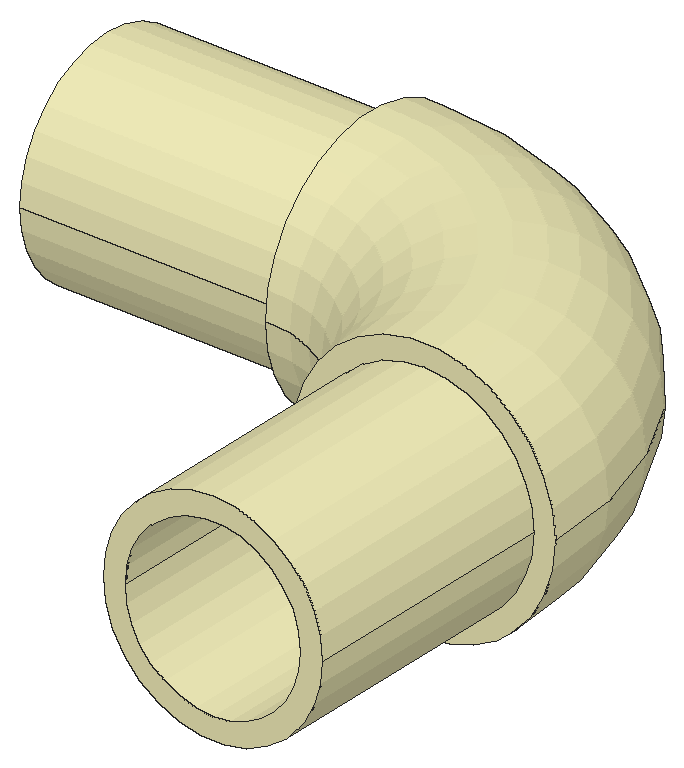
Revit family "Elbow-PEX-90", category Plumbing Fixtures, Revit 2026
Family settings
  Round Connector Dimension = Use Diameter
  Part Type = Normal
  Classification Number = 23.60.30.11.14
  Work Plane-Based = Yes
  Enable Cutting in Views = No
  Always vertical = Yes
  Cut with Voids When Loaded = No
  Maintain Annotation Orientation = No
  Shared = No
  Room Calculation Point = No
Parameters (values of type "3/4"")
  collarrad [instance] = PipeIrad - Collar Thickness  # 0' - 0 1/4"
  Waste Connection = no
  Warranty Duration (Years) = 0
  Wall Thickness = 0' - 0 1/16"
  Vent Connection = no
  Type Comments = ""
  Turn Radius [instance] = Pipe OD  # 0' - 0 3/4"
  Test Data = ""
  Supply Connection Type = Plumbing-Connector : Crimp-PEX 075
  Specification = "http://www.arcat.com/divs/sec/sec15000.shtml"
  Sales Information = ""
  Product Properties = "http://www.arcat.com/bim/bim_info.pl?fn=Elbow-PEX-90"
  Product Data = "http://www.arcat.com/divs/sec/sec15000.shtml"
  PipeOrad [instance] = Pipe OD / 2  # 0' - 0 3/8"
  PipeIrad [instance] = PipeOrad - Wall Thickness  # 0' - 0 5/16"
  Pipe OD [instance] = 0' - 0 3/4"
  Pipe Material = ARCAT - Brass
  Pipe ID [instance] = (PipeOrad - Wall Thickness) * 2  # 0' - 0 5/8"
  Model = "Generic"  # constant formula
  Manufacturer Website = "http://www.arcat.com/"
  Manufacturer Phone - Toll Free = ""
  Manufacturer Phone = "(203) 929-9444"  # constant formula
  Manufacturer Fax = "(203) 939-2444"  # constant formula
  Manufacturer Email = "bim@arcat.com"  # constant formula
  Manufacturer Address = "1077 Bridgeport Ave, Shelton, CT  06484"  # constant formula
  Manufacturer = "Generic"  # constant formula
  Maintenance Schedule (Months) = 0
  Keynote = "15000"
  Installation_Fabricaton = ""
  Installation Phase = ""
  HW Connection = yes
  Green Building-LEED = "http://www.arcat.com/green/green_building.shtml"
  Expected Lifespan (Years) = 40
  Drawn By = "Robert S. Weygant. CSI, CDT, SCIP"  # constant formula
  Description = "90 Degree PEX Crimp Elbow"  # constant formula
  Default Elevation = 4' - 0"
  Copyright = "2008, ARCAT, Inc."  # constant formula
  Construction Details = "http://www.arcat.com/divs/sec/sec15000.shtml"
  Collar Thickness = Wall Thickness  # 0' - 0 1/16"
  Collar Length [instance] = 0' - 0 3/4"  # constant formula
  CW Connection = yes
  Building Codes = ""
  Assembly Code = "D2090900"
Types (5): name | collarrad | Turn Radius | Supply Connection Type | PipeOrad | PipeIrad | Pipe OD | Pipe ID
  (no name) | 0' - 0 1/4" | 0' - 0 3/4" | Plumbing-Connector : Crimp-PEX 075 | 0' - 0 3/8" | 0' - 0 5/16" | 0' - 0 3/4" | 0' - 0 5/8"
  1" | 0' - 0 3/8" | 0' - 1" | Plumbing-Connector : Crimp-PEX 1 | 0' - 0 1/2" | 0' - 0 7/16" | 0' - 1" | 0' - 0 7/8"
  3/8" | 0' - 0 1/16" | 0' - 0 3/8" | Plumbing-Connector : Crimp-PEX 0375 | 0' - 0 3/16" | 0' - 0 1/8" | 0' - 0 3/8" | 0' - 0 1/4"
  1/2" | 0' - 0 1/8" | 0' - 0 1/2" | Plumbing-Connector : Crimp-PEX 050 | 0' - 0 1/4" | 0' - 0 3/16" | 0' - 0 1/2" | 0' - 0 3/8"
  3/4" | 0' - 0 1/4" | 0' - 0 3/4" | Plumbing-Connector : Crimp-PEX 075 | 0' - 0 3/8" | 0' - 0 5/16" | 0' - 0 3/4" | 0' - 0 5/8"
Reference planes (in)
  plane 1: z = 0
  plane 2 "Center (Left/Right)": x = 0
  plane 3 "Connection Level": z = 0
  plane 4 "Center": y = 0
  plane 5: y = 0.75
  plane 6: x = -0.75
Forms (in)
  Sweep 1, solid, material "ARCAT - Brass" <- "Pipe Material"
    path in 3D
      loop
        arc (0, 0, 0) -> (-0.21967, 0.53033, 0) -> (-0.75, 0.75, 0) r 0.75
    profile origin (-0.21967, 0.53033, 0) x (-0.707107, -0.707107, 0) y (0, 0, 1)
      loop
        circle (0, 0) r 0.3125
      loop
        circle (0, 0) r 0.375
  Sweep 2, solid, material "ARCAT - Brass" <- "Pipe Material"
    path in 3D
      loop
        line (0, 0, 0) -> (0, -0.75, 0)
    profile origin (0, -0.375, 0) x (1, 0, 0) y (0, 0, 1)
      loop
        circle (0, 0) r 0.3125
      loop
        circle (0, 0) r 0.25
  Sweep 3, solid, material "ARCAT - Brass" <- "Pipe Material"
    path in 3D
      loop
        line (-0.75, 0.75, 0) -> (-1.5, 0.75, 0)
    profile origin (-1.125, 0.75, 0) x (0, -1, 0) y (0, 0, 1)
      loop
        circle (0, 0) r 0.3125
      loop
        circle (0, 0) r 0.25
Lines and regions (in)
  model lines, style "Supply"
    curve 1: line (0, 0, 0) -> (0, -0.75, 0)
    curve 2: line (-0.75, 0.75, 0) -> (-1.5, 0.75, 0)
    curve 3: arc (0, 0, 0) -> (-0.21967, 0.53033, 0) -> (-0.75, 0.75, 0) r 0.75
    curve 4: line (-0.75, 0.375, 0) -> (-0.75, 1.125, 0)
    curve 5: line (-0.375, 0, 0) -> (0.375, 0, 0)
  sketch lines
    curve 6: arc (0, 0, 0) -> (-0.21967, 0.53033, 0) -> (-0.75, 0.75, 0) r 0.75
    curve 7: line (0, 0, 0) -> (0, -0.75, 0)
    curve 8: line (-0.75, 0.75, 0) -> (-1.5, 0.75, 0)
  model lines, style "HW Supply"
    curve 9: line (-0.75, 0.75, 0) -> (-1.5, 0.75, 0)
    curve 10: line (-0.75, 0.375, 0) -> (-0.75, 1.125, 0)
    curve 11: arc (0, 0, 0) -> (-0.21967, 0.53033, 0) -> (-0.75, 0.75, 0) r 0.75
    curve 12: line (-0.375, 0, 0) -> (0.375, 0, 0)
    curve 13: line (0, 0, 0) -> (0, -0.75, 0)
Dimensions and locks (in)
  "Collar Length": curve 3 to curve 1
  "Collar Length": curve 2 to curve 2
  "Turn Radius": plane 4 "Center" to plane 5
  "Turn Radius": plane 6 to plane 2 "Center (Left/Right)"
  equal spacing: curve 5, curve 1, curve 5
  "Pipe OD": curve 5 to curve 5
  equal spacing: curve 4, curve 2, curve 4
  "Pipe OD": curve 4 to curve 4
  equal spacing: curve 10, curve 9, curve 10
  "Pipe OD": curve 10 to curve 10
  equal spacing: curve 12, curve 13, curve 12
  "Pipe OD": curve 12 to curve 12
  "Turn Radius": radius of curve 3
  "PipeIrad": radius of Sweep 1 sketch curve
  "PipeOrad": radius of Sweep 1 sketch curve
  "PipeIrad": radius of Sweep 3 sketch curve
  "collarrad": radius of Sweep 3 sketch curve
  "collarrad": radius of Sweep 2 sketch curve
  "PipeIrad": radius of Sweep 2 sketch curve
  aligned and locked: curve 1 to plane 2 "Center (Left/Right)"
  aligned and locked: plane 4 "Center" to curve 5
  aligned and locked: curve 4 to curve 3
  aligned and locked: curve 5 to curve 3
  aligned and locked: nested 1 to plane 3 "Connection Level"
  aligned and locked: plane 4 "Center" to Sweep 2
  aligned and locked: plane 2 "Center (Left/Right)" to nested 1
  aligned and locked: nested 2 to plane 5
  aligned and locked: nested 2 to plane 3 "Connection Level"
  aligned and locked: nested 2 to Sweep 3
  aligned and locked: plane 3 "Connection Level" to level
  aligned and locked: curve 9 to curve 2
  aligned and locked: curve 10 to curve 4
  aligned and locked: curve 11 to curve 3
  aligned and locked: curve 12 to curve 5
  aligned and locked: curve 13 to curve 1
Automatic sketch dimensions
  Sweep 1 sketch curve to Sweep 1 sketch curve = 0' - 0"  (x2)
  Sweep 1 sketch curve to profile plane = 0' - 0"  (x2)
  Sweep 3 sketch curve to Sweep 3 sketch curve = 0' - 0"  (x2)
  Sweep 3 sketch curve to profile plane = 0' - 0"  (x2)
  Sweep 2 sketch curve to Sweep 2 sketch curve = 0' - 0"  (x2)
  Sweep 2 sketch curve to profile plane = 0' - 0"  (x2)
  curve 9 to curve 9 = 0' - 0 3/4"
  curve 13 to curve 11 = 0' - 0 3/4"
Nested families (in)
  nested 1: "Plumbing-Connector" at (-1.5, 0.5, 1.92656), Pipe Diameter <- "Pipe OD", type <- "Supply Connection Type", Outlet Material <- "Pipe Material", Inlet Material <- "Pipe Material", type "Crimp-PEX 075"
    with Pipe Diameter 0' - 0 3/4", Outlet Material ARCAT - Brass, Outlet Connection "Crimp", Inlet Material ARCAT - Brass, Inlet Connection "Crimp"
  nested 2: "Plumbing-Connector" at (-2.25, 1.25, 1.92656), Outlet Material <- "Pipe Material", Inlet Material <- "Pipe Material", type <- "Supply Connection Type", Pipe Diameter <- "Pipe OD", type "Crimp-PEX 075"
    with Pipe Diameter 0' - 0 3/4", Outlet Material ARCAT - Brass, Outlet Connection "Solvent Welded", Inlet Material ARCAT - Brass, Inlet Connection "Solvent Welded"
Definition of nested family "Plumbing-Connector"
  Parameters
    Waste Connection = no
    Warranty Duration (Years) = 0
    Vent Connection = no
    Type Comments = "Plumbing Connection"
    Test Data = ""
    Specification = "http://www.arcat.com/divs/sec/sec15000.shtml"
    Sales Information = ""
    Product Properties = "http://www.arcat.com/bim/bim_info.pl?fn=Plumbing-Connector"
    Product Data = "http://www.arcat.com/divs/sec/sec15000.shtml"
    Pipe Diameter [instance] = 0' - 4"
    Outlet Material [instance] = none
    Outlet Connection [instance] = "Crimp"
    Model = "Generic"  # constant formula
    Mixing Valve = no
    Manufacturer Website = "http://www.arcat.com/"
    Manufacturer Phone - Toll Free = ""
    Manufacturer Phone = "(203) 929-9444"  # constant formula
    Manufacturer Fax = "(203) 939-2444"  # constant formula
    Manufacturer Email = "bim@arcat.com"  # constant formula
    Manufacturer Address = "1077 Bridgeport Ave, Shelton, CT  06484"  # constant formula
    Manufacturer = "Generic"  # constant formula
    Maintenance Schedule (Months) = 0
    Keynote = "15000"
    Installation_Fabricaton = ""
    Installation Phase = ""
    Inlet Material [instance] = none
    Inlet Connection [instance] = "Threaded"
    HW Connection = no
    Green Building-LEED = "http://www.arcat.com/green/green_building.shtml"
    Expected Lifespan (Years) = 0
    Drawn By = "Robert S. Weygant. CSI, CDT, SCIP"  # constant formula
    Description = ""
    Default Elevation = 4' - 0"
    Copyright = "2008, ARCAT, Inc."  # constant formula
    Construction Details = "http://www.arcat.com/divs/sec/sec15000.shtml"
    CW Connection = yes
    Building Codes = ""
    Assembly Code = "D2090900"
  Reference planes (in)
    plane 1 "Center (TB)": z = -1.92656
    plane 2 "Center (Left/Right)": x = 1.5
    plane 3 "Center (FB)": y = -0.5
    plane 4: x = -0.5
    plane 5: x = 3.5
    plane 6: y = 1.5
    plane 7: y = -2.5
    plane 8: z = 0.07344
    plane 9: z = -3.92656
  Forms (in)
    Revolve 1, solid
      sketch origin (0, 0, -1.92656) x (1, 0, 0) y (0, 1, 0)
        loop
          line (1.5, -0.375) -> (1.5, -0.625)
          arc (1.5, -0.625) -> (1.625, -0.5) -> (1.5, -0.375) r 0.125
        axis (1.5, -0.375) -> (1.5, -0.625)
      angle from 0 to 360
  Lines and regions (in)
    model lines, not visible
      curve 1: line (0, 0.5, 0) -> (0, -0.5, 0)
      curve 2: line (-0.5, 0, 0) -> (0.5, 0, 0)
    model lines, visible <- "CW Connection"
      curve 3: line (1.5, -0.5, -3.92656) -> (1.5, -0.5, 0.07344)
      curve 8: line (-0.5, -0.5, -1.92656) -> (3.5, -0.5, -1.92656)
      curve 13: line (1.5, 1.5, -1.92656) -> (1.5, -2.5, -1.92656)
    model lines, visible <- "Waste Connection"
      curve 4: line (1.5, -0.5, -3.92656) -> (1.5, -0.5, 0.07344)
      curve 9: line (-0.5, -0.5, -1.92656) -> (3.5, -0.5, -1.92656)
      curve 14: line (1.5, 1.5, -1.92656) -> (1.5, -2.5, -1.92656)
    model lines, visible <- "HW Connection"
      curve 5: line (1.5, -0.5, -3.92656) -> (1.5, -0.5, 0.07344)
      curve 10: line (-0.5, -0.5, -1.92656) -> (3.5, -0.5, -1.92656)
      curve 15: line (1.5, 1.5, -1.92656) -> (1.5, -2.5, -1.92656)
    model lines, visible <- "Mixing Valve"
      curve 6: line (1.5, -0.5, -3.92656) -> (1.5, -0.5, 0.07344)
      curve 11: line (-0.5, -0.5, -1.92656) -> (3.5, -0.5, -1.92656)
      curve 16: line (1.5, 1.5, -1.92656) -> (1.5, -2.5, -1.92656)
    model lines, visible <- "Vent Connection"
      curve 7: line (1.5, -0.5, -3.92656) -> (1.5, -0.5, 0.07344)
      curve 12: line (-0.5, -0.5, -1.92656) -> (3.5, -0.5, -1.92656)
      curve 17: line (1.5, 1.5, -1.92656) -> (1.5, -2.5, -1.92656)
  Dimensions and locks (in)
    equal spacing: plane 4, plane 2 "Center (Left/Right)", plane 5
    equal spacing: plane 6, plane 3 "Center (FB)", plane 7
    "Pipe Diameter": plane 4 to plane 5
    "Pipe Diameter": plane 6 to plane 7
    equal spacing: plane 8, plane 1 "Center (TB)", plane 9
    "Pipe Diameter": plane 8 to plane 9
    aligned and locked: plane 9 to curve 3
    aligned and locked: plane 2 "Center (Left/Right)" to curve 3
    aligned and locked: plane 8 to curve 3
    aligned and locked: plane 2 "Center (Left/Right)" to curve 4
    aligned and locked: plane 2 "Center (Left/Right)" to curve 5
    aligned and locked: plane 2 "Center (Left/Right)" to curve 6
    aligned and locked: plane 2 "Center (Left/Right)" to curve 7
    aligned and locked: plane 4 to curve 8
    aligned and locked: plane 5 to curve 8
    aligned and locked: plane 3 "Center (FB)" to curve 8
    aligned and locked: plane 3 "Center (FB)" to curve 9
    aligned and locked: plane 3 "Center (FB)" to curve 10
    aligned and locked: plane 3 "Center (FB)" to curve 11
    aligned and locked: plane 3 "Center (FB)" to curve 12
    aligned and locked: plane 6 to curve 13
    aligned and locked: curve 13 to plane 2 "Center (Left/Right)"
    aligned and locked: plane 7 to curve 13
    aligned and locked: curve 14 to plane 2 "Center (Left/Right)"
    aligned and locked: curve 15 to plane 2 "Center (Left/Right)"
    aligned and locked: curve 16 to plane 2 "Center (Left/Right)"
    aligned and locked: curve 17 to plane 2 "Center (Left/Right)"
    aligned and locked: level to plane 1 "Center (TB)"
  Automatic sketch dimensions
    Revolve 1 sketch curve to plane 2 "Center (Left/Right)" = 0' - 0"  (x2)
    Revolve 1 sketch curve to plane 3 "Center (FB)" = 0' - 0"
    Revolve 1 sketch curve to Revolve 1 sketch curve = 0' - 0 1/8"
    Revolve 1 sketch curve to plane 7 = 4' - 9 1/2"
    plane 6 to Revolve 1 sketch curve = 4' - 8.8714"
    curve 6 to plane 8 = 0' - 0"
    curve 4 to plane 8 = 0' - 0"
    curve 5 to plane 8 = 0' - 0"
    curve 7 to plane 8 = 0' - 0"
    curve 4 to plane 9 = 0' - 0"
    curve 7 to plane 9 = 0' - 0"
    curve 6 to plane 9 = 0' - 0"
    curve 5 to plane 9 = 0' - 0"
    curve 17 to plane 6 = 0' - 0"
    curve 17 to plane 7 = 0' - 0"
    curve 16 to plane 7 = 0' - 0"
    curve 16 to plane 6 = 0' - 0"
    curve 15 to plane 6 = 0' - 0"
    curve 15 to plane 7 = 0' - 0"
    curve 14 to plane 6 = 0' - 0"
    curve 14 to plane 7 = 0' - 0"
    curve 10 to plane 4 = 0' - 0"
    curve 9 to plane 4 = 0' - 0"
    curve 11 to plane 4 = 0' - 0"
    curve 12 to plane 4 = 0' - 0"
    curve 10 to plane 5 = 0' - 0"
    curve 9 to plane 5 = 0' - 0"
    curve 11 to plane 5 = 0' - 0"
    curve 12 to plane 5 = 0' - 0"
